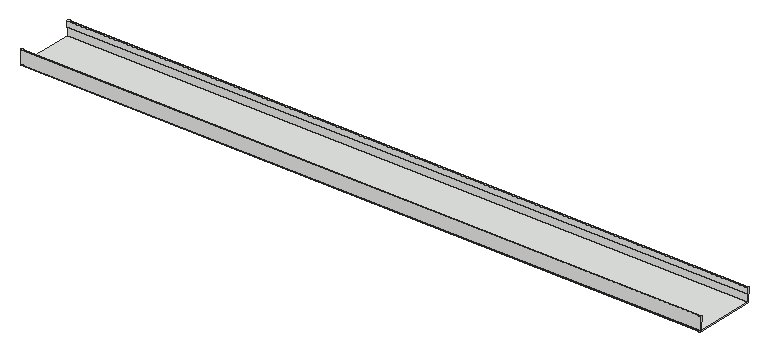
Revit family "profiles PR636 2015", category Generic Models, Revit 2015
Parameters (values of type "ISOLAMIN PR636 flashing")
  Profile Length [instance] = 1180 mm
Reference planes
  plane 1 "Center (Front/Back)": y = 0
  plane 2: z = 0
  plane 3 "Center (Left/Right)": x = 0
  plane 4: x = 1180
Forms (mm)
  Extrusion 1, solid, material "ISOLAMIN Surface Material"
    sketch origin (0, 22.236, -28.478) x (0, 1, 0) y (0, 0, 1)
      loop
        arc (-23.521, 28.491) -> (-22.814, 28.784) -> (-22.521, 29.491) r 1
        line (-22.521, 29.491) -> (-22.521, 52.791)
        arc (-22.521, 52.791) -> (-23.521, 53.491) -> (-24.521, 52.791) r 1.064
        line (-24.521, 52.791) -> (-24.521, 43.491) -> (-23.521, 43.491) -> (-23.521, 29.491) -> (-125.321, 29.491) -> (-125.321, 43.491) -> (-124.321, 43.491) -> (-124.321, 52.791)
        arc (-124.321, 52.791) -> (-125.321, 53.491) -> (-126.321, 52.791) r 1.064
        line (-126.321, 52.791) -> (-126.321, 29.491)
        arc (-126.321, 29.491) -> (-126.028, 28.784) -> (-125.321, 28.491) r 1
        line (-125.321, 28.491) -> (-23.521, 28.491)
    from 0 to 1180
Dimensions and locks
  "Profile Length": plane 3 "Center (Left/Right)" to plane 4
  aligned and locked: level to plane 2
  aligned and locked: plane 4 to Extrusion 1
Automatic sketch dimensions
  plane 1 "Center (Front/Back)" to Extrusion 1 sketch curve = 1.285 mm
  level to Extrusion 1 sketch curve = 0.013 mm
  Extrusion 1 sketch curve to Extrusion 1 sketch curve = 1 mm  (x3)
  Extrusion 1 sketch curve to Extrusion 1 sketch curve = 101.8 mm
  Extrusion 1 sketch curve to Extrusion 1 sketch curve = 23.3 mm  (x2)
  Extrusion 1 sketch curve to Extrusion 1 sketch curve = 0 mm  (x6)
  Extrusion 1 sketch curve to Extrusion 1 sketch curve = 9.3 mm  (x2)
  Extrusion 1 sketch curve to Extrusion 1 sketch curve = 0.364 mm  (x2)
